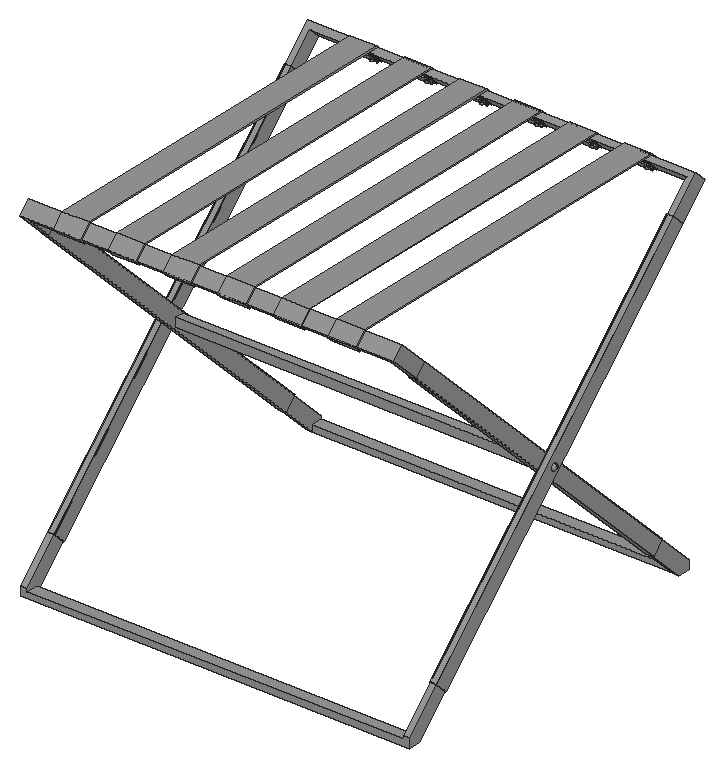
Revit family "DLRK0008", category Generic Models, Revit 2017
Family settings
  Can host rebar = No
  Round Connector Dimension = Use Diameter
  Part Type = Normal
  Work Plane-Based = No
  Always vertical = Yes
  Cut with Voids When Loaded = No
  Shared = No
  Room Calculation Point = No
Parameters
  Website = " https://dolphy.in/"  # constant formula
  Model = ""
  Contact number = "+91 9520202035"  # constant formula
  Contact email = "info@dolphy.in"  # constant formula
  Company name = "Dolphy India"  # constant formula
Reference planes
  plane 1 "Center (Front/Back)": y = 0
  plane 2: z = 0
  plane 3 "Center (Left/Right)": x = 0
  plane 4 "A": through (0, -299.808, 472.625) normal (0, -0.716, 0.6981)
  plane 5 "B": through (0, 302.937, 481.77) normal (0, 0.716, 0.6981)
Forms (mm)
  Extrusion 1, solid, material "Rod"
    sketch origin (-315, 0, 0) x (0, 1, 0) y (0, 0, 1)
      loop
        line (-300, 0) -> (-280, 0) -> (317.052, 582.126) -> (299.808, 599.813) -> (-300, 15) -> (-300, 0)
    from 0 to -10
  Extrusion 2, solid, material "Rod"
    sketch origin (0, 0, 0) x (0, 1, 0) y (0, 0, 1)
      loop
        line (317.052, 582.126) -> (299.808, 599.813) -> (292.648, 592.832) -> (310.116, 575.363) -> (317.052, 582.126)
    from -315 to 315
  Extrusion 3, solid, material "Rod"
    sketch origin (315, 0, 0) x (0, 1, 0) y (0, 0, -1)
      loop
        line (-300, 0) -> (-300, -15) -> (299.808, -599.813) -> (317.052, -582.126) -> (-280, 0) -> (-300, 0)
    from 0 to -10
  Extrusion 4, solid, material "Rod"
    sketch origin (0, 0, 0) x (0, 1, 0) y (0, 0, 1)
      loop
        line (-300, 0) -> (-280, 0) -> (-280, 10) -> (-300, 10) -> (-300, 0)
    from -315 to 315
  Extrusion 5, solid, material "Rod"
    sketch origin (-302.5, 0, 0) x (0, -1, 0) y (0, 0, -1)
      loop
        line (-300, 0) -> (-300, -15) -> (299.808, -599.813) -> (317.052, -582.126) -> (-280, 0) -> (-300, 0)
    from 0 to -10
  Extrusion 6, solid, material "Rod"
    sketch origin (0, 0, 0) x (0, -1, 0) y (0, 0, -1)
      loop
        line (317.052, -582.126) -> (310.116, -575.363) -> (292.648, -592.832) -> (299.808, -599.813) -> (317.052, -582.126)
    from -302.5 to 302.5
  Extrusion 7, solid, material "Rod"
    sketch origin (302.5, 0, 0) x (0, -1, 0) y (0, 0, 1)
      loop
        line (-300, 0) -> (-280, 0) -> (317.052, 582.126) -> (299.808, 599.813) -> (-300, 15) -> (-300, 0)
    from 0 to -10
  Extrusion 8, solid, material "Rod"
    sketch origin (0, 0, 0) x (0, -1, 0) y (0, 0, -1)
      loop
        line (-300, 0) -> (-300, -10) -> (-280, -10) -> (-280, 0) -> (-300, 0)
    from -302.5 to 302.5
  Extrusion 9, solid, material "Strap"
    sketch origin (0, 0, 0) x (0, 1, 0) y (0, 0, 1)
      loop
        line (7.5, 297.75) -> (-7.5, 297.75) -> (-7.5, 282.75) -> (7.5, 282.75) -> (7.5, 297.75)
    from -302.5 to 302.5
  Revolve 10, solid, material "Rod"
    sketch origin (0, 0, 0) x (-1, 0, 0) y (0, 0, 1)
      loop
        line (-315, 291.063) -> (-315, 293.057) -> (-326.027, 293.057) -> (-326.027, 296.072)
        spline (-326.027, 296.072) -> (-326.826, 296.037) -> (-327.555, 295.933) -> (-328.214, 295.759) -> (-328.805, 295.515) -> (-329.326, 295.202) -> (-329.777, 294.819) -> (-330.159, 294.367) -> (-330.471, 293.846) -> (-330.714, 293.254) -> (-330.888, 292.593) -> (-330.992, 291.863) -> (-331.027, 291.063)
        line (-331.027, 291.063) -> (-326.027, 291.063) -> (-315, 291.063)
      axis (-331.027, 291.063) -> (-315, 291.063)
    angle from 0 to 360
  Extrusion 11, solid, material "Strap"
    sketch origin (-2.5, -389.935, 380.187) x (0, 0.6981, 0.716) y (-1, 0, 0)
      loop
        line (220.17, -315) -> (220.17, -305) -> (195.468, -305) -> (195.468, -315) -> (220.17, -315)
      loop
        line (194.468, -304) -> (194.468, -316) -> (221.17, -316) -> (221.17, -304) -> (194.468, -304)
    from -669.025 to 23.796
  Extrusion 12, solid, material "Strap"
    sketch origin (10.027, 389.935, 380.187) x (0, -0.6981, 0.716) y (1, 0, 0)
      loop
        line (220.17, 315) -> (195.468, 315) -> (195.468, 305) -> (220.17, 305) -> (220.17, 315)
      loop
        line (194.468, 304) -> (221.17, 304) -> (221.17, 316) -> (194.468, 316) -> (194.468, 304)
    from -669.025 to 23.796
  Extrusion 13, solid, material "Strap"
    sketch origin (2.5, -389.935, 380.187) x (0, 0.6981, 0.716) y (-1, 0, 0)
      loop
        line (220.17, 315) -> (195.468, 315) -> (195.468, 305) -> (220.17, 305) -> (220.17, 315)
      loop
        line (194.468, 304) -> (221.17, 304) -> (221.17, 316) -> (194.468, 316) -> (194.468, 304)
    from -669.025 to 23.796
  Extrusion 14, solid, material "Strap"
    sketch origin (-10.027, 389.935, 380.187) x (0, -0.6981, 0.716) y (1, 0, 0)
      loop
        line (220.17, -315) -> (220.17, -305) -> (195.468, -305) -> (195.468, -315) -> (220.17, -315)
      loop
        line (194.468, -304) -> (194.468, -316) -> (221.17, -316) -> (221.17, -304) -> (194.468, -304)
    from -669.025 to 23.796
  Revolve 15, solid, material "Rod"
    sketch origin (0, 0, 0) x (1, 0, 0) y (0, 0, 1)
      loop
        line (-315, 291.063) -> (-315, 293.057) -> (-326.027, 293.057) -> (-326.027, 296.072)
        spline (-326.027, 296.072) -> (-326.826, 296.037) -> (-327.555, 295.933) -> (-328.214, 295.759) -> (-328.805, 295.515) -> (-329.326, 295.202) -> (-329.777, 294.819) -> (-330.159, 294.367) -> (-330.471, 293.846) -> (-330.714, 293.254) -> (-330.888, 292.593) -> (-330.992, 291.863) -> (-331.027, 291.063)
        line (-331.027, 291.063) -> (-326.027, 291.063) -> (-315, 291.063)
      axis (-331.027, 291.063) -> (-315, 291.063)
    angle from 0 to 360
  Extrusion 16, solid, material "Strap"
    sketch origin (0, 0, 0) x (0, 1, 0) y (0, 0, 1)
      loop
        line (292.648, 592.832) -> (291.587, 591.771) -> (310.103, 573.255) -> (319.173, 582.099) -> (300.44, 601.313) -> (-300.44, 601.313) -> (-319.173, 582.099) -> (-310.103, 573.255) -> (-291.587, 591.771) -> (-292.648, 592.832) -> (-310.116, 575.363) -> (-317.052, 582.126) -> (-299.808, 599.813) -> (299.808, 599.813) -> (317.052, 582.126) -> (310.116, 575.363) -> (292.648, 592.832)
    from -209.498 to -255.512
  Extrusion 17, solid, material "Strap"
    sketch origin (92, 0, 0) x (0, 1, 0) y (0, 0, 1)
      loop
        line (292.648, 592.832) -> (291.587, 591.771) -> (310.103, 573.255) -> (319.173, 582.099) -> (300.44, 601.313) -> (-300.44, 601.313) -> (-319.173, 582.099) -> (-310.103, 573.255) -> (-291.587, 591.771) -> (-292.648, 592.832) -> (-310.116, 575.363) -> (-317.052, 582.126) -> (-299.808, 599.813) -> (299.808, 599.813) -> (317.052, 582.126) -> (310.116, 575.363) -> (292.648, 592.832)
    from -209.498 to -255.512
  Extrusion 18, solid, material "Strap"
    sketch origin (184, 0, 0) x (0, 1, 0) y (0, 0, 1)
      loop
        line (292.648, 592.832) -> (291.587, 591.771) -> (310.103, 573.255) -> (319.173, 582.099) -> (300.44, 601.313) -> (-300.44, 601.313) -> (-319.173, 582.099) -> (-310.103, 573.255) -> (-291.587, 591.771) -> (-292.648, 592.832) -> (-310.116, 575.363) -> (-317.052, 582.126) -> (-299.808, 599.813) -> (299.808, 599.813) -> (317.052, 582.126) -> (310.116, 575.363) -> (292.648, 592.832)
    from -209.498 to -255.512
  Extrusion 19, solid, material "Strap"
    sketch origin (276, 0, 0) x (0, 1, 0) y (0, 0, 1)
      loop
        line (292.648, 592.832) -> (291.587, 591.771) -> (310.103, 573.255) -> (319.173, 582.099) -> (300.44, 601.313) -> (-300.44, 601.313) -> (-319.173, 582.099) -> (-310.103, 573.255) -> (-291.587, 591.771) -> (-292.648, 592.832) -> (-310.116, 575.363) -> (-317.052, 582.126) -> (-299.808, 599.813) -> (299.808, 599.813) -> (317.052, 582.126) -> (310.116, 575.363) -> (292.648, 592.832)
    from -209.498 to -255.512
  Extrusion 20, solid, material "Strap"
    sketch origin (368, 0, 0) x (0, 1, 0) y (0, 0, 1)
      loop
        line (292.648, 592.832) -> (291.587, 591.771) -> (310.103, 573.255) -> (319.173, 582.099) -> (300.44, 601.313) -> (-300.44, 601.313) -> (-319.173, 582.099) -> (-310.103, 573.255) -> (-291.587, 591.771) -> (-292.648, 592.832) -> (-310.116, 575.363) -> (-317.052, 582.126) -> (-299.808, 599.813) -> (299.808, 599.813) -> (317.052, 582.126) -> (310.116, 575.363) -> (292.648, 592.832)
    from -209.498 to -255.512
  Extrusion 21, solid, material "Strap"
    sketch origin (460, 0, 0) x (0, 1, 0) y (0, 0, 1)
      loop
        line (292.648, 592.832) -> (291.587, 591.771) -> (310.103, 573.255) -> (319.173, 582.099) -> (300.44, 601.313) -> (-300.44, 601.313) -> (-319.173, 582.099) -> (-310.103, 573.255) -> (-291.587, 591.771) -> (-292.648, 592.832) -> (-310.116, 575.363) -> (-317.052, 582.126) -> (-299.808, 599.813) -> (299.808, 599.813) -> (317.052, 582.126) -> (310.116, 575.363) -> (292.648, 592.832)
    from -209.498 to -255.512
  Extrusion 22, solid, material "Rod"
    sketch origin (0, 291.587, 591.771) x (0, 0.707107, -0.707107) y (1, 0, 0)
      loop
        line (6.036, -253.512) -> (20.236, -253.512)
        spline (20.236, -253.512) -> (20.867, -253.484) -> (21.443, -253.4) -> (21.964, -253.261) -> (22.43, -253.066) -> (22.841, -252.815) -> (23.198, -252.508) -> (23.5, -252.146) -> (23.746, -251.728) -> (23.938, -251.254) -> (24.075, -250.724) -> (24.158, -250.139) -> (24.185, -249.498)
        line (24.185, -249.498) -> (24.185, -215.507)
        spline (24.185, -215.507) -> (24.158, -214.867) -> (24.075, -214.282) -> (23.938, -213.753) -> (23.746, -213.28) -> (23.5, -212.862) -> (23.198, -212.5) -> (22.841, -212.194) -> (22.43, -211.943) -> (21.964, -211.748) -> (21.443, -211.609) -> (20.867, -211.525) -> (20.236, -211.498)
        line (20.236, -211.498) -> (6.036, -211.498)
        spline (6.036, -211.498) -> (5.391, -211.525) -> (4.803, -211.609) -> (4.27, -211.748) -> (3.794, -211.943) -> (3.373, -212.194) -> (3.009, -212.5) -> (2.701, -212.862) -> (2.448, -213.28) -> (2.252, -213.753) -> (2.112, -214.282) -> (2.028, -214.867) -> (2, -215.507)
        line (2, -215.507) -> (2, -249.498)
        spline (2, -249.498) -> (2.028, -250.139) -> (2.112, -250.724) -> (2.252, -251.254) -> (2.448, -251.728) -> (2.701, -252.146) -> (3.009, -252.508) -> (3.373, -252.815) -> (3.794, -253.066) -> (4.27, -253.261) -> (4.803, -253.4) -> (5.391, -253.484) -> (6.036, -253.512)
    from 0 to 3
  Revolve 23, solid, material "Rod"
    sketch origin (-248.254, 0.328, -0.339) x (0, 1, 0) y (0, 0, 1)
      loop
        line (298.323, 580.792) -> (300.444, 582.914) -> (299.887, 583.471) -> (297.766, 581.35) -> (296.86, 582.256)
        spline (296.86, 582.256) -> (296.583, 581.939) -> (296.351, 581.63) -> (296.163, 581.328) -> (296.02, 581.033) -> (295.921, 580.745) -> (295.866, 580.465) -> (295.855, 580.192) -> (295.889, 579.926) -> (295.967, 579.668) -> (296.089, 579.416) -> (296.256, 579.173) -> (296.467, 578.936)
        line (296.467, 578.936) -> (298.323, 580.792)
      axis (300.876, 582.482) -> (296.898, 578.505)
    angle from 0 to 360
  Revolve 24, solid, material "Rod"
    sketch origin (-216.751, 0.328, -0.339) x (0, 1, 0) y (0, 0, -1)
      loop
        line (298.323, -580.792) -> (296.467, -578.936)
        spline (296.467, -578.936) -> (296.256, -579.173) -> (296.089, -579.416) -> (295.967, -579.668) -> (295.889, -579.926) -> (295.855, -580.192) -> (295.866, -580.465) -> (295.921, -580.745) -> (296.02, -581.033) -> (296.163, -581.328) -> (296.351, -581.63) -> (296.583, -581.939) -> (296.86, -582.256)
        line (296.86, -582.256) -> (297.766, -581.35) -> (299.887, -583.471) -> (300.444, -582.914) -> (298.323, -580.792)
      axis (300.876, -582.482) -> (296.898, -578.505)
    angle from 0 to 360
  Extrusion 25, solid, material "Rod"
    sketch origin (91.972, 291.587, 591.771) x (0, 0.707107, -0.707107) y (1, 0, 0)
      loop
        line (6.036, -253.512) -> (20.236, -253.512)
        spline (20.236, -253.512) -> (20.867, -253.484) -> (21.443, -253.4) -> (21.964, -253.261) -> (22.43, -253.066) -> (22.841, -252.815) -> (23.198, -252.508) -> (23.5, -252.146) -> (23.746, -251.728) -> (23.938, -251.254) -> (24.075, -250.724) -> (24.158, -250.139) -> (24.185, -249.498)
        line (24.185, -249.498) -> (24.185, -215.507)
        spline (24.185, -215.507) -> (24.158, -214.867) -> (24.075, -214.282) -> (23.938, -213.753) -> (23.746, -213.28) -> (23.5, -212.862) -> (23.198, -212.5) -> (22.841, -212.194) -> (22.43, -211.943) -> (21.964, -211.748) -> (21.443, -211.609) -> (20.867, -211.525) -> (20.236, -211.498)
        line (20.236, -211.498) -> (6.036, -211.498)
        spline (6.036, -211.498) -> (5.391, -211.525) -> (4.803, -211.609) -> (4.27, -211.748) -> (3.794, -211.943) -> (3.373, -212.194) -> (3.009, -212.5) -> (2.701, -212.862) -> (2.448, -213.28) -> (2.252, -213.753) -> (2.112, -214.282) -> (2.028, -214.867) -> (2, -215.507)
        line (2, -215.507) -> (2, -249.498)
        spline (2, -249.498) -> (2.028, -250.139) -> (2.112, -250.724) -> (2.252, -251.254) -> (2.448, -251.728) -> (2.701, -252.146) -> (3.009, -252.508) -> (3.373, -252.815) -> (3.794, -253.066) -> (4.27, -253.261) -> (4.803, -253.4) -> (5.391, -253.484) -> (6.036, -253.512)
    from 0 to 3
  Revolve 26, solid, material "Rod"
    sketch origin (-156.282, 0.328, -0.339) x (0, 1, 0) y (0, 0, 1)
      loop
        line (298.323, 580.792) -> (300.444, 582.914) -> (299.887, 583.471) -> (297.766, 581.35) -> (296.86, 582.256)
        spline (296.86, 582.256) -> (296.583, 581.939) -> (296.351, 581.63) -> (296.163, 581.328) -> (296.02, 581.033) -> (295.921, 580.745) -> (295.866, 580.465) -> (295.855, 580.192) -> (295.889, 579.926) -> (295.967, 579.668) -> (296.089, 579.416) -> (296.256, 579.173) -> (296.467, 578.936)
        line (296.467, 578.936) -> (298.323, 580.792)
      axis (300.876, 582.482) -> (296.898, 578.505)
    angle from 0 to 360
  Revolve 27, solid, material "Rod"
    sketch origin (-124.779, 0.328, -0.339) x (0, 1, 0) y (0, 0, -1)
      loop
        line (298.323, -580.792) -> (296.467, -578.936)
        spline (296.467, -578.936) -> (296.256, -579.173) -> (296.089, -579.416) -> (295.967, -579.668) -> (295.889, -579.926) -> (295.855, -580.192) -> (295.866, -580.465) -> (295.921, -580.745) -> (296.02, -581.033) -> (296.163, -581.328) -> (296.351, -581.63) -> (296.583, -581.939) -> (296.86, -582.256)
        line (296.86, -582.256) -> (297.766, -581.35) -> (299.887, -583.471) -> (300.444, -582.914) -> (298.323, -580.792)
      axis (300.876, -582.482) -> (296.898, -578.505)
    angle from 0 to 360
  Extrusion 28, solid, material "Rod"
    sketch origin (183.943, 291.587, 591.771) x (0, 0.707107, -0.707107) y (1, 0, 0)
      loop
        line (6.036, -253.512) -> (20.236, -253.512)
        spline (20.236, -253.512) -> (20.867, -253.484) -> (21.443, -253.4) -> (21.964, -253.261) -> (22.43, -253.066) -> (22.841, -252.815) -> (23.198, -252.508) -> (23.5, -252.146) -> (23.746, -251.728) -> (23.938, -251.254) -> (24.075, -250.724) -> (24.158, -250.139) -> (24.185, -249.498)
        line (24.185, -249.498) -> (24.185, -215.507)
        spline (24.185, -215.507) -> (24.158, -214.867) -> (24.075, -214.282) -> (23.938, -213.753) -> (23.746, -213.28) -> (23.5, -212.862) -> (23.198, -212.5) -> (22.841, -212.194) -> (22.43, -211.943) -> (21.964, -211.748) -> (21.443, -211.609) -> (20.867, -211.525) -> (20.236, -211.498)
        line (20.236, -211.498) -> (6.036, -211.498)
        spline (6.036, -211.498) -> (5.391, -211.525) -> (4.803, -211.609) -> (4.27, -211.748) -> (3.794, -211.943) -> (3.373, -212.194) -> (3.009, -212.5) -> (2.701, -212.862) -> (2.448, -213.28) -> (2.252, -213.753) -> (2.112, -214.282) -> (2.028, -214.867) -> (2, -215.507)
        line (2, -215.507) -> (2, -249.498)
        spline (2, -249.498) -> (2.028, -250.139) -> (2.112, -250.724) -> (2.252, -251.254) -> (2.448, -251.728) -> (2.701, -252.146) -> (3.009, -252.508) -> (3.373, -252.815) -> (3.794, -253.066) -> (4.27, -253.261) -> (4.803, -253.4) -> (5.391, -253.484) -> (6.036, -253.512)
    from 0 to 3
  Revolve 29, solid, material "Rod"
    sketch origin (-64.311, 0.328, -0.339) x (0, 1, 0) y (0, 0, 1)
      loop
        line (298.323, 580.792) -> (300.444, 582.914) -> (299.887, 583.471) -> (297.766, 581.35) -> (296.86, 582.256)
        spline (296.86, 582.256) -> (296.583, 581.939) -> (296.351, 581.63) -> (296.163, 581.328) -> (296.02, 581.033) -> (295.921, 580.745) -> (295.866, 580.465) -> (295.855, 580.192) -> (295.889, 579.926) -> (295.967, 579.668) -> (296.089, 579.416) -> (296.256, 579.173) -> (296.467, 578.936)
        line (296.467, 578.936) -> (298.323, 580.792)
      axis (300.876, 582.482) -> (296.898, 578.505)
    angle from 0 to 360
  Revolve 30, solid, material "Rod"
    sketch origin (-32.808, 0.328, -0.339) x (0, 1, 0) y (0, 0, -1)
      loop
        line (298.323, -580.792) -> (296.467, -578.936)
        spline (296.467, -578.936) -> (296.256, -579.173) -> (296.089, -579.416) -> (295.967, -579.668) -> (295.889, -579.926) -> (295.855, -580.192) -> (295.866, -580.465) -> (295.921, -580.745) -> (296.02, -581.033) -> (296.163, -581.328) -> (296.351, -581.63) -> (296.583, -581.939) -> (296.86, -582.256)
        line (296.86, -582.256) -> (297.766, -581.35) -> (299.887, -583.471) -> (300.444, -582.914) -> (298.323, -580.792)
      axis (300.876, -582.482) -> (296.898, -578.505)
    angle from 0 to 360
  Extrusion 31, solid, material "Rod"
    sketch origin (275.915, 291.587, 591.771) x (0, 0.707107, -0.707107) y (1, 0, 0)
      loop
        line (6.036, -253.512) -> (20.236, -253.512)
        spline (20.236, -253.512) -> (20.867, -253.484) -> (21.443, -253.4) -> (21.964, -253.261) -> (22.43, -253.066) -> (22.841, -252.815) -> (23.198, -252.508) -> (23.5, -252.146) -> (23.746, -251.728) -> (23.938, -251.254) -> (24.075, -250.724) -> (24.158, -250.139) -> (24.185, -249.498)
        line (24.185, -249.498) -> (24.185, -215.507)
        spline (24.185, -215.507) -> (24.158, -214.867) -> (24.075, -214.282) -> (23.938, -213.753) -> (23.746, -213.28) -> (23.5, -212.862) -> (23.198, -212.5) -> (22.841, -212.194) -> (22.43, -211.943) -> (21.964, -211.748) -> (21.443, -211.609) -> (20.867, -211.525) -> (20.236, -211.498)
        line (20.236, -211.498) -> (6.036, -211.498)
        spline (6.036, -211.498) -> (5.391, -211.525) -> (4.803, -211.609) -> (4.27, -211.748) -> (3.794, -211.943) -> (3.373, -212.194) -> (3.009, -212.5) -> (2.701, -212.862) -> (2.448, -213.28) -> (2.252, -213.753) -> (2.112, -214.282) -> (2.028, -214.867) -> (2, -215.507)
        line (2, -215.507) -> (2, -249.498)
        spline (2, -249.498) -> (2.028, -250.139) -> (2.112, -250.724) -> (2.252, -251.254) -> (2.448, -251.728) -> (2.701, -252.146) -> (3.009, -252.508) -> (3.373, -252.815) -> (3.794, -253.066) -> (4.27, -253.261) -> (4.803, -253.4) -> (5.391, -253.484) -> (6.036, -253.512)
    from 0 to 3
  Revolve 32, solid, material "Rod"
    sketch origin (27.661, 0.328, -0.339) x (0, 1, 0) y (0, 0, 1)
      loop
        line (298.323, 580.792) -> (300.444, 582.914) -> (299.887, 583.471) -> (297.766, 581.35) -> (296.86, 582.256)
        spline (296.86, 582.256) -> (296.583, 581.939) -> (296.351, 581.63) -> (296.163, 581.328) -> (296.02, 581.033) -> (295.921, 580.745) -> (295.866, 580.465) -> (295.855, 580.192) -> (295.889, 579.926) -> (295.967, 579.668) -> (296.089, 579.416) -> (296.256, 579.173) -> (296.467, 578.936)
        line (296.467, 578.936) -> (298.323, 580.792)
      axis (300.876, 582.482) -> (296.898, 578.505)
    angle from 0 to 360
  Revolve 33, solid, material "Rod"
    sketch origin (59.164, 0.328, -0.339) x (0, 1, 0) y (0, 0, -1)
      loop
        line (298.323, -580.792) -> (296.467, -578.936)
        spline (296.467, -578.936) -> (296.256, -579.173) -> (296.089, -579.416) -> (295.967, -579.668) -> (295.889, -579.926) -> (295.855, -580.192) -> (295.866, -580.465) -> (295.921, -580.745) -> (296.02, -581.033) -> (296.163, -581.328) -> (296.351, -581.63) -> (296.583, -581.939) -> (296.86, -582.256)
        line (296.86, -582.256) -> (297.766, -581.35) -> (299.887, -583.471) -> (300.444, -582.914) -> (298.323, -580.792)
      axis (300.876, -582.482) -> (296.898, -578.505)
    angle from 0 to 360
  Extrusion 34, solid, material "Rod"
    sketch origin (367.886, 291.587, 591.771) x (0, 0.707107, -0.707107) y (1, 0, 0)
      loop
        line (6.036, -253.512) -> (20.236, -253.512)
        spline (20.236, -253.512) -> (20.867, -253.484) -> (21.443, -253.4) -> (21.964, -253.261) -> (22.43, -253.066) -> (22.841, -252.815) -> (23.198, -252.508) -> (23.5, -252.146) -> (23.746, -251.728) -> (23.938, -251.254) -> (24.075, -250.724) -> (24.158, -250.139) -> (24.185, -249.498)
        line (24.185, -249.498) -> (24.185, -215.507)
        spline (24.185, -215.507) -> (24.158, -214.867) -> (24.075, -214.282) -> (23.938, -213.753) -> (23.746, -213.28) -> (23.5, -212.862) -> (23.198, -212.5) -> (22.841, -212.194) -> (22.43, -211.943) -> (21.964, -211.748) -> (21.443, -211.609) -> (20.867, -211.525) -> (20.236, -211.498)
        line (20.236, -211.498) -> (6.036, -211.498)
        spline (6.036, -211.498) -> (5.391, -211.525) -> (4.803, -211.609) -> (4.27, -211.748) -> (3.794, -211.943) -> (3.373, -212.194) -> (3.009, -212.5) -> (2.701, -212.862) -> (2.448, -213.28) -> (2.252, -213.753) -> (2.112, -214.282) -> (2.028, -214.867) -> (2, -215.507)
        line (2, -215.507) -> (2, -249.498)
        spline (2, -249.498) -> (2.028, -250.139) -> (2.112, -250.724) -> (2.252, -251.254) -> (2.448, -251.728) -> (2.701, -252.146) -> (3.009, -252.508) -> (3.373, -252.815) -> (3.794, -253.066) -> (4.27, -253.261) -> (4.803, -253.4) -> (5.391, -253.484) -> (6.036, -253.512)
    from 0 to 3
  Revolve 35, solid, material "Rod"
    sketch origin (119.632, 0.328, -0.339) x (0, 1, 0) y (0, 0, 1)
      loop
        line (298.323, 580.792) -> (300.444, 582.914) -> (299.887, 583.471) -> (297.766, 581.35) -> (296.86, 582.256)
        spline (296.86, 582.256) -> (296.583, 581.939) -> (296.351, 581.63) -> (296.163, 581.328) -> (296.02, 581.033) -> (295.921, 580.745) -> (295.866, 580.465) -> (295.855, 580.192) -> (295.889, 579.926) -> (295.967, 579.668) -> (296.089, 579.416) -> (296.256, 579.173) -> (296.467, 578.936)
        line (296.467, 578.936) -> (298.323, 580.792)
      axis (300.876, 582.482) -> (296.898, 578.505)
    angle from 0 to 360
  Revolve 36, solid, material "Rod"
    sketch origin (151.135, 0.328, -0.339) x (0, 1, 0) y (0, 0, -1)
      loop
        line (298.323, -580.792) -> (296.467, -578.936)
        spline (296.467, -578.936) -> (296.256, -579.173) -> (296.089, -579.416) -> (295.967, -579.668) -> (295.889, -579.926) -> (295.855, -580.192) -> (295.866, -580.465) -> (295.921, -580.745) -> (296.02, -581.033) -> (296.163, -581.328) -> (296.351, -581.63) -> (296.583, -581.939) -> (296.86, -582.256)
        line (296.86, -582.256) -> (297.766, -581.35) -> (299.887, -583.471) -> (300.444, -582.914) -> (298.323, -580.792)
      axis (300.876, -582.482) -> (296.898, -578.505)
    angle from 0 to 360
  Extrusion 37, solid, material "Rod"
    sketch origin (459.858, 291.587, 591.771) x (0, 0.707107, -0.707107) y (1, 0, 0)
      loop
        line (6.036, -253.512) -> (20.236, -253.512)
        spline (20.236, -253.512) -> (20.867, -253.484) -> (21.443, -253.4) -> (21.964, -253.261) -> (22.43, -253.066) -> (22.841, -252.815) -> (23.198, -252.508) -> (23.5, -252.146) -> (23.746, -251.728) -> (23.938, -251.254) -> (24.075, -250.724) -> (24.158, -250.139) -> (24.185, -249.498)
        line (24.185, -249.498) -> (24.185, -215.507)
        spline (24.185, -215.507) -> (24.158, -214.867) -> (24.075, -214.282) -> (23.938, -213.753) -> (23.746, -213.28) -> (23.5, -212.862) -> (23.198, -212.5) -> (22.841, -212.194) -> (22.43, -211.943) -> (21.964, -211.748) -> (21.443, -211.609) -> (20.867, -211.525) -> (20.236, -211.498)
        line (20.236, -211.498) -> (6.036, -211.498)
        spline (6.036, -211.498) -> (5.391, -211.525) -> (4.803, -211.609) -> (4.27, -211.748) -> (3.794, -211.943) -> (3.373, -212.194) -> (3.009, -212.5) -> (2.701, -212.862) -> (2.448, -213.28) -> (2.252, -213.753) -> (2.112, -214.282) -> (2.028, -214.867) -> (2, -215.507)
        line (2, -215.507) -> (2, -249.498)
        spline (2, -249.498) -> (2.028, -250.139) -> (2.112, -250.724) -> (2.252, -251.254) -> (2.448, -251.728) -> (2.701, -252.146) -> (3.009, -252.508) -> (3.373, -252.815) -> (3.794, -253.066) -> (4.27, -253.261) -> (4.803, -253.4) -> (5.391, -253.484) -> (6.036, -253.512)
    from 0 to 3
  Revolve 38, solid, material "Rod"
    sketch origin (211.604, 0.328, -0.339) x (0, 1, 0) y (0, 0, 1)
      loop
        line (298.323, 580.792) -> (300.444, 582.914) -> (299.887, 583.471) -> (297.766, 581.35) -> (296.86, 582.256)
        spline (296.86, 582.256) -> (296.583, 581.939) -> (296.351, 581.63) -> (296.163, 581.328) -> (296.02, 581.033) -> (295.921, 580.745) -> (295.866, 580.465) -> (295.855, 580.192) -> (295.889, 579.926) -> (295.967, 579.668) -> (296.089, 579.416) -> (296.256, 579.173) -> (296.467, 578.936)
        line (296.467, 578.936) -> (298.323, 580.792)
      axis (300.876, 582.482) -> (296.898, 578.505)
    angle from 0 to 360
  Revolve 39, solid, material "Rod"
    sketch origin (243.107, 0.328, -0.339) x (0, 1, 0) y (0, 0, -1)
      loop
        line (298.323, -580.792) -> (296.467, -578.936)
        spline (296.467, -578.936) -> (296.256, -579.173) -> (296.089, -579.416) -> (295.967, -579.668) -> (295.889, -579.926) -> (295.855, -580.192) -> (295.866, -580.465) -> (295.921, -580.745) -> (296.02, -581.033) -> (296.163, -581.328) -> (296.351, -581.63) -> (296.583, -581.939) -> (296.86, -582.256)
        line (296.86, -582.256) -> (297.766, -581.35) -> (299.887, -583.471) -> (300.444, -582.914) -> (298.323, -580.792)
      axis (300.876, -582.482) -> (296.898, -578.505)
    angle from 0 to 360
  Extrusion 40, solid, material "Rod"
    sketch origin (460, -308.724, 574.634) x (0, 0.707107, 0.707107) y (1, 0, 0)
      loop
        spline (4.519, -211.498) -> (3.88, -211.525) -> (3.297, -211.609) -> (2.769, -211.748) -> (2.297, -211.942) -> (1.88, -212.192) -> (1.519, -212.498) -> (1.213, -212.859) -> (0.963, -213.275) -> (0.769, -213.748) -> (0.63, -214.275) -> (0.547, -214.859) -> (0.519, -215.498)
        line (0.519, -215.498) -> (0.519, -249.521)
        spline (0.519, -249.521) -> (0.547, -250.159) -> (0.63, -250.741) -> (0.769, -251.267) -> (0.963, -251.738) -> (1.213, -252.154) -> (1.519, -252.514) -> (1.88, -252.819) -> (2.297, -253.068) -> (2.769, -253.262) -> (3.297, -253.401) -> (3.88, -253.484) -> (4.519, -253.512)
        line (4.519, -253.512) -> (18.767, -253.512)
        spline (18.767, -253.512) -> (19.396, -253.484) -> (19.97, -253.401) -> (20.489, -253.262) -> (20.954, -253.068) -> (21.364, -252.819) -> (21.72, -252.514) -> (22.02, -252.154) -> (22.267, -251.738) -> (22.458, -251.267) -> (22.595, -250.741) -> (22.677, -250.159) -> (22.704, -249.521)
        line (22.704, -249.521) -> (22.704, -215.498)
        spline (22.704, -215.498) -> (22.677, -214.859) -> (22.595, -214.275) -> (22.458, -213.748) -> (22.267, -213.275) -> (22.02, -212.859) -> (21.72, -212.498) -> (21.364, -212.192) -> (20.954, -211.942) -> (20.489, -211.748) -> (19.97, -211.609) -> (19.396, -211.525) -> (18.767, -211.498)
        line (18.767, -211.498) -> (4.519, -211.498)
    from 0 to 3
  Revolve 41, solid, material "Rod"
    sketch origin (241.72, 0.02, 0.024) x (0, -1, 0) y (0, 0, 1)
      loop
        line (299.926, 583.432) -> (299.357, 584.001) -> (297.236, 581.879) -> (296.461, 582.655)
        spline (296.461, 582.655) -> (296.176, 582.352) -> (295.936, 582.056) -> (295.74, 581.766) -> (295.589, 581.484) -> (295.481, 581.208) -> (295.418, 580.94) -> (295.399, 580.678) -> (295.424, 580.423) -> (295.493, 580.175) -> (295.606, 579.934) -> (295.764, 579.7) -> (295.966, 579.473)
        line (295.966, 579.473) -> (299.926, 583.432)
      axis (300.513, 582.845) -> (296.554, 578.885)
    angle from 0 to 360
  Revolve 42, solid, material "Rod"
    sketch origin (213.261, 0.02, 0.024) x (0, -1, 0) y (0, 0, -1)
      loop
        line (299.926, -583.432) -> (295.966, -579.473)
        spline (295.966, -579.473) -> (295.764, -579.7) -> (295.606, -579.934) -> (295.493, -580.175) -> (295.424, -580.423) -> (295.399, -580.678) -> (295.418, -580.94) -> (295.481, -581.208) -> (295.589, -581.484) -> (295.74, -581.766) -> (295.936, -582.056) -> (296.176, -582.352) -> (296.461, -582.655)
        line (296.461, -582.655) -> (297.236, -581.879) -> (299.357, -584.001) -> (299.926, -583.432)
      axis (300.513, -582.845) -> (296.554, -578.885)
    angle from 0 to 360
  Extrusion 43, solid, material "Rod"
    sketch origin (368, -308.724, 574.634) x (0, 0.707107, 0.707107) y (1, 0, 0)
      loop
        spline (4.519, -211.498) -> (3.88, -211.525) -> (3.297, -211.609) -> (2.769, -211.748) -> (2.297, -211.942) -> (1.88, -212.192) -> (1.519, -212.498) -> (1.213, -212.859) -> (0.963, -213.275) -> (0.769, -213.748) -> (0.63, -214.275) -> (0.547, -214.859) -> (0.519, -215.498)
        line (0.519, -215.498) -> (0.519, -249.521)
        spline (0.519, -249.521) -> (0.547, -250.159) -> (0.63, -250.741) -> (0.769, -251.267) -> (0.963, -251.738) -> (1.213, -252.154) -> (1.519, -252.514) -> (1.88, -252.819) -> (2.297, -253.068) -> (2.769, -253.262) -> (3.297, -253.401) -> (3.88, -253.484) -> (4.519, -253.512)
        line (4.519, -253.512) -> (18.767, -253.512)
        spline (18.767, -253.512) -> (19.396, -253.484) -> (19.97, -253.401) -> (20.489, -253.262) -> (20.954, -253.068) -> (21.364, -252.819) -> (21.72, -252.514) -> (22.02, -252.154) -> (22.267, -251.738) -> (22.458, -251.267) -> (22.595, -250.741) -> (22.677, -250.159) -> (22.704, -249.521)
        line (22.704, -249.521) -> (22.704, -215.498)
        spline (22.704, -215.498) -> (22.677, -214.859) -> (22.595, -214.275) -> (22.458, -213.748) -> (22.267, -213.275) -> (22.02, -212.859) -> (21.72, -212.498) -> (21.364, -212.192) -> (20.954, -211.942) -> (20.489, -211.748) -> (19.97, -211.609) -> (19.396, -211.525) -> (18.767, -211.498)
        line (18.767, -211.498) -> (4.519, -211.498)
    from 0 to 3
  Revolve 44, solid, material "Rod"
    sketch origin (149.72, 0.02, 0.024) x (0, -1, 0) y (0, 0, 1)
      loop
        line (299.926, 583.432) -> (299.357, 584.001) -> (297.236, 581.879) -> (296.461, 582.655)
        spline (296.461, 582.655) -> (296.176, 582.352) -> (295.936, 582.056) -> (295.74, 581.766) -> (295.589, 581.484) -> (295.481, 581.208) -> (295.418, 580.94) -> (295.399, 580.678) -> (295.424, 580.423) -> (295.493, 580.175) -> (295.606, 579.934) -> (295.764, 579.7) -> (295.966, 579.473)
        line (295.966, 579.473) -> (299.926, 583.432)
      axis (300.513, 582.845) -> (296.554, 578.885)
    angle from 0 to 360
  Revolve 45, solid, material "Rod"
    sketch origin (121.261, 0.02, 0.024) x (0, -1, 0) y (0, 0, -1)
      loop
        line (299.926, -583.432) -> (295.966, -579.473)
        spline (295.966, -579.473) -> (295.764, -579.7) -> (295.606, -579.934) -> (295.493, -580.175) -> (295.424, -580.423) -> (295.399, -580.678) -> (295.418, -580.94) -> (295.481, -581.208) -> (295.589, -581.484) -> (295.74, -581.766) -> (295.936, -582.056) -> (296.176, -582.352) -> (296.461, -582.655)
        line (296.461, -582.655) -> (297.236, -581.879) -> (299.357, -584.001) -> (299.926, -583.432)
      axis (300.513, -582.845) -> (296.554, -578.885)
    angle from 0 to 360
  Extrusion 46, solid, material "Rod"
    sketch origin (276, -308.724, 574.634) x (0, 0.707107, 0.707107) y (1, 0, 0)
      loop
        spline (4.519, -211.498) -> (3.88, -211.525) -> (3.297, -211.609) -> (2.769, -211.748) -> (2.297, -211.942) -> (1.88, -212.192) -> (1.519, -212.498) -> (1.213, -212.859) -> (0.963, -213.275) -> (0.769, -213.748) -> (0.63, -214.275) -> (0.547, -214.859) -> (0.519, -215.498)
        line (0.519, -215.498) -> (0.519, -249.521)
        spline (0.519, -249.521) -> (0.547, -250.159) -> (0.63, -250.741) -> (0.769, -251.267) -> (0.963, -251.738) -> (1.213, -252.154) -> (1.519, -252.514) -> (1.88, -252.819) -> (2.297, -253.068) -> (2.769, -253.262) -> (3.297, -253.401) -> (3.88, -253.484) -> (4.519, -253.512)
        line (4.519, -253.512) -> (18.767, -253.512)
        spline (18.767, -253.512) -> (19.396, -253.484) -> (19.97, -253.401) -> (20.489, -253.262) -> (20.954, -253.068) -> (21.364, -252.819) -> (21.72, -252.514) -> (22.02, -252.154) -> (22.267, -251.738) -> (22.458, -251.267) -> (22.595, -250.741) -> (22.677, -250.159) -> (22.704, -249.521)
        line (22.704, -249.521) -> (22.704, -215.498)
        spline (22.704, -215.498) -> (22.677, -214.859) -> (22.595, -214.275) -> (22.458, -213.748) -> (22.267, -213.275) -> (22.02, -212.859) -> (21.72, -212.498) -> (21.364, -212.192) -> (20.954, -211.942) -> (20.489, -211.748) -> (19.97, -211.609) -> (19.396, -211.525) -> (18.767, -211.498)
        line (18.767, -211.498) -> (4.519, -211.498)
    from 0 to 3
  Revolve 47, solid, material "Rod"
    sketch origin (57.72, 0.02, 0.024) x (0, -1, 0) y (0, 0, 1)
      loop
        line (299.926, 583.432) -> (299.357, 584.001) -> (297.236, 581.879) -> (296.461, 582.655)
        spline (296.461, 582.655) -> (296.176, 582.352) -> (295.936, 582.056) -> (295.74, 581.766) -> (295.589, 581.484) -> (295.481, 581.208) -> (295.418, 580.94) -> (295.399, 580.678) -> (295.424, 580.423) -> (295.493, 580.175) -> (295.606, 579.934) -> (295.764, 579.7) -> (295.966, 579.473)
        line (295.966, 579.473) -> (299.926, 583.432)
      axis (300.513, 582.845) -> (296.554, 578.885)
    angle from 0 to 360
  Revolve 48, solid, material "Rod"
    sketch origin (29.261, 0.02, 0.024) x (0, -1, 0) y (0, 0, -1)
      loop
        line (299.926, -583.432) -> (295.966, -579.473)
        spline (295.966, -579.473) -> (295.764, -579.7) -> (295.606, -579.934) -> (295.493, -580.175) -> (295.424, -580.423) -> (295.399, -580.678) -> (295.418, -580.94) -> (295.481, -581.208) -> (295.589, -581.484) -> (295.74, -581.766) -> (295.936, -582.056) -> (296.176, -582.352) -> (296.461, -582.655)
        line (296.461, -582.655) -> (297.236, -581.879) -> (299.357, -584.001) -> (299.926, -583.432)
      axis (300.513, -582.845) -> (296.554, -578.885)
    angle from 0 to 360
  Extrusion 49, solid, material "Rod"
    sketch origin (184, -308.724, 574.634) x (0, 0.707107, 0.707107) y (1, 0, 0)
      loop
        spline (4.519, -211.498) -> (3.88, -211.525) -> (3.297, -211.609) -> (2.769, -211.748) -> (2.297, -211.942) -> (1.88, -212.192) -> (1.519, -212.498) -> (1.213, -212.859) -> (0.963, -213.275) -> (0.769, -213.748) -> (0.63, -214.275) -> (0.547, -214.859) -> (0.519, -215.498)
        line (0.519, -215.498) -> (0.519, -249.521)
        spline (0.519, -249.521) -> (0.547, -250.159) -> (0.63, -250.741) -> (0.769, -251.267) -> (0.963, -251.738) -> (1.213, -252.154) -> (1.519, -252.514) -> (1.88, -252.819) -> (2.297, -253.068) -> (2.769, -253.262) -> (3.297, -253.401) -> (3.88, -253.484) -> (4.519, -253.512)
        line (4.519, -253.512) -> (18.767, -253.512)
        spline (18.767, -253.512) -> (19.396, -253.484) -> (19.97, -253.401) -> (20.489, -253.262) -> (20.954, -253.068) -> (21.364, -252.819) -> (21.72, -252.514) -> (22.02, -252.154) -> (22.267, -251.738) -> (22.458, -251.267) -> (22.595, -250.741) -> (22.677, -250.159) -> (22.704, -249.521)
        line (22.704, -249.521) -> (22.704, -215.498)
        spline (22.704, -215.498) -> (22.677, -214.859) -> (22.595, -214.275) -> (22.458, -213.748) -> (22.267, -213.275) -> (22.02, -212.859) -> (21.72, -212.498) -> (21.364, -212.192) -> (20.954, -211.942) -> (20.489, -211.748) -> (19.97, -211.609) -> (19.396, -211.525) -> (18.767, -211.498)
        line (18.767, -211.498) -> (4.519, -211.498)
    from 0 to 3
  Revolve 50, solid, material "Rod"
    sketch origin (-34.28, 0.02, 0.024) x (0, -1, 0) y (0, 0, 1)
      loop
        line (299.926, 583.432) -> (299.357, 584.001) -> (297.236, 581.879) -> (296.461, 582.655)
        spline (296.461, 582.655) -> (296.176, 582.352) -> (295.936, 582.056) -> (295.74, 581.766) -> (295.589, 581.484) -> (295.481, 581.208) -> (295.418, 580.94) -> (295.399, 580.678) -> (295.424, 580.423) -> (295.493, 580.175) -> (295.606, 579.934) -> (295.764, 579.7) -> (295.966, 579.473)
        line (295.966, 579.473) -> (299.926, 583.432)
      axis (300.513, 582.845) -> (296.554, 578.885)
    angle from 0 to 360
  Revolve 51, solid, material "Rod"
    sketch origin (-62.739, 0.02, 0.024) x (0, -1, 0) y (0, 0, -1)
      loop
        line (299.926, -583.432) -> (295.966, -579.473)
        spline (295.966, -579.473) -> (295.764, -579.7) -> (295.606, -579.934) -> (295.493, -580.175) -> (295.424, -580.423) -> (295.399, -580.678) -> (295.418, -580.94) -> (295.481, -581.208) -> (295.589, -581.484) -> (295.74, -581.766) -> (295.936, -582.056) -> (296.176, -582.352) -> (296.461, -582.655)
        line (296.461, -582.655) -> (297.236, -581.879) -> (299.357, -584.001) -> (299.926, -583.432)
      axis (300.513, -582.845) -> (296.554, -578.885)
    angle from 0 to 360
  Extrusion 52, solid, material "Rod"
    sketch origin (92, -308.724, 574.634) x (0, 0.707107, 0.707107) y (1, 0, 0)
      loop
        spline (4.519, -211.498) -> (3.88, -211.525) -> (3.297, -211.609) -> (2.769, -211.748) -> (2.297, -211.942) -> (1.88, -212.192) -> (1.519, -212.498) -> (1.213, -212.859) -> (0.963, -213.275) -> (0.769, -213.748) -> (0.63, -214.275) -> (0.547, -214.859) -> (0.519, -215.498)
        line (0.519, -215.498) -> (0.519, -249.521)
        spline (0.519, -249.521) -> (0.547, -250.159) -> (0.63, -250.741) -> (0.769, -251.267) -> (0.963, -251.738) -> (1.213, -252.154) -> (1.519, -252.514) -> (1.88, -252.819) -> (2.297, -253.068) -> (2.769, -253.262) -> (3.297, -253.401) -> (3.88, -253.484) -> (4.519, -253.512)
        line (4.519, -253.512) -> (18.767, -253.512)
        spline (18.767, -253.512) -> (19.396, -253.484) -> (19.97, -253.401) -> (20.489, -253.262) -> (20.954, -253.068) -> (21.364, -252.819) -> (21.72, -252.514) -> (22.02, -252.154) -> (22.267, -251.738) -> (22.458, -251.267) -> (22.595, -250.741) -> (22.677, -250.159) -> (22.704, -249.521)
        line (22.704, -249.521) -> (22.704, -215.498)
        spline (22.704, -215.498) -> (22.677, -214.859) -> (22.595, -214.275) -> (22.458, -213.748) -> (22.267, -213.275) -> (22.02, -212.859) -> (21.72, -212.498) -> (21.364, -212.192) -> (20.954, -211.942) -> (20.489, -211.748) -> (19.97, -211.609) -> (19.396, -211.525) -> (18.767, -211.498)
        line (18.767, -211.498) -> (4.519, -211.498)
    from 0 to 3
  Revolve 53, solid
    sketch origin (-126.28, 0.02, 0.024) x (0, -1, 0) y (0, 0, 1)
      loop
        line (299.926, 583.432) -> (299.357, 584.001) -> (297.236, 581.879) -> (296.461, 582.655)
        spline (296.461, 582.655) -> (296.176, 582.352) -> (295.936, 582.056) -> (295.74, 581.766) -> (295.589, 581.484) -> (295.481, 581.208) -> (295.418, 580.94) -> (295.399, 580.678) -> (295.424, 580.423) -> (295.493, 580.175) -> (295.606, 579.934) -> (295.764, 579.7) -> (295.966, 579.473)
        line (295.966, 579.473) -> (299.926, 583.432)
      axis (300.513, 582.845) -> (296.554, 578.885)
    angle from 0 to 360
  Revolve 54, solid, material "Rod"
    sketch origin (-154.739, 0.02, 0.024) x (0, -1, 0) y (0, 0, -1)
      loop
        line (299.926, -583.432) -> (295.966, -579.473)
        spline (295.966, -579.473) -> (295.764, -579.7) -> (295.606, -579.934) -> (295.493, -580.175) -> (295.424, -580.423) -> (295.399, -580.678) -> (295.418, -580.94) -> (295.481, -581.208) -> (295.589, -581.484) -> (295.74, -581.766) -> (295.936, -582.056) -> (296.176, -582.352) -> (296.461, -582.655)
        line (296.461, -582.655) -> (297.236, -581.879) -> (299.357, -584.001) -> (299.926, -583.432)
      axis (300.513, -582.845) -> (296.554, -578.885)
    angle from 0 to 360
  Extrusion 55, solid, material "Rod"
    sketch origin (0, -308.724, 574.634) x (0, 0.707107, 0.707107) y (1, 0, 0)
      loop
        spline (4.519, -211.498) -> (3.88, -211.525) -> (3.297, -211.609) -> (2.769, -211.748) -> (2.297, -211.942) -> (1.88, -212.192) -> (1.519, -212.498) -> (1.213, -212.859) -> (0.963, -213.275) -> (0.769, -213.748) -> (0.63, -214.275) -> (0.547, -214.859) -> (0.519, -215.498)
        line (0.519, -215.498) -> (0.519, -249.521)
        spline (0.519, -249.521) -> (0.547, -250.159) -> (0.63, -250.741) -> (0.769, -251.267) -> (0.963, -251.738) -> (1.213, -252.154) -> (1.519, -252.514) -> (1.88, -252.819) -> (2.297, -253.068) -> (2.769, -253.262) -> (3.297, -253.401) -> (3.88, -253.484) -> (4.519, -253.512)
        line (4.519, -253.512) -> (18.767, -253.512)
        spline (18.767, -253.512) -> (19.396, -253.484) -> (19.97, -253.401) -> (20.489, -253.262) -> (20.954, -253.068) -> (21.364, -252.819) -> (21.72, -252.514) -> (22.02, -252.154) -> (22.267, -251.738) -> (22.458, -251.267) -> (22.595, -250.741) -> (22.677, -250.159) -> (22.704, -249.521)
        line (22.704, -249.521) -> (22.704, -215.498)
        spline (22.704, -215.498) -> (22.677, -214.859) -> (22.595, -214.275) -> (22.458, -213.748) -> (22.267, -213.275) -> (22.02, -212.859) -> (21.72, -212.498) -> (21.364, -212.192) -> (20.954, -211.942) -> (20.489, -211.748) -> (19.97, -211.609) -> (19.396, -211.525) -> (18.767, -211.498)
        line (18.767, -211.498) -> (4.519, -211.498)
    from 0 to 3
  Revolve 56, solid, material "Rod"
    sketch origin (-218.28, 0.02, 0.024) x (0, -1, 0) y (0, 0, 1)
      loop
        line (299.926, 583.432) -> (299.357, 584.001) -> (297.236, 581.879) -> (296.461, 582.655)
        spline (296.461, 582.655) -> (296.176, 582.352) -> (295.936, 582.056) -> (295.74, 581.766) -> (295.589, 581.484) -> (295.481, 581.208) -> (295.418, 580.94) -> (295.399, 580.678) -> (295.424, 580.423) -> (295.493, 580.175) -> (295.606, 579.934) -> (295.764, 579.7) -> (295.966, 579.473)
        line (295.966, 579.473) -> (299.926, 583.432)
      axis (300.513, 582.845) -> (296.554, 578.885)
    angle from 0 to 360
  Revolve 57, solid, material "Rod"
    sketch origin (-246.739, 0.02, 0.024) x (0, -1, 0) y (0, 0, -1)
      loop
        line (299.926, -583.432) -> (295.966, -579.473)
        spline (295.966, -579.473) -> (295.764, -579.7) -> (295.606, -579.934) -> (295.493, -580.175) -> (295.424, -580.423) -> (295.399, -580.678) -> (295.418, -580.94) -> (295.481, -581.208) -> (295.589, -581.484) -> (295.74, -581.766) -> (295.936, -582.056) -> (296.176, -582.352) -> (296.461, -582.655)
        line (296.461, -582.655) -> (297.236, -581.879) -> (299.357, -584.001) -> (299.926, -583.432)
      axis (300.513, -582.845) -> (296.554, -578.885)
    angle from 0 to 360
Cuts and joins
  joined: Extrusion 1, Extrusion 2, Extrusion 3, Extrusion 4, Extrusion 5, Extrusion 6, Extrusion 7, Extrusion 8, Revolve 10, Revolve 15, Extrusion 22, Revolve 23, Revolve 24, Extrusion 25, Revolve 26, Revolve 27, Extrusion 28, Revolve 29, Revolve 30, Extrusion 31, Revolve 32, Revolve 33, Extrusion 34, Revolve 35, Revolve 36, Extrusion 37, Revolve 38, Revolve 39, Extrusion 40, Revolve 41, Revolve 42, Extrusion 43, Revolve 44, Revolve 45, Extrusion 46, Revolve 47, Revolve 48, Extrusion 49, Revolve 50, Revolve 51, Extrusion 52, Revolve 54, Extrusion 55, Revolve 56, Revolve 57
  joined: Extrusion 9, Extrusion 11, Extrusion 12, Extrusion 13, Extrusion 14, Extrusion 16, Extrusion 17, Extrusion 18, Extrusion 19, Extrusion 20, Extrusion 21
Dimensions and locks
  locked: Extrusion 1 sketch curve to Extrusion 1 sketch curve (angle 90.00°)
  locked: Extrusion 3 sketch curve to Extrusion 3 sketch curve (angle 90.00°)
  locked: Extrusion 5 sketch curve to Extrusion 5 sketch curve (angle 90.00°)
  locked: Extrusion 7 sketch curve to Extrusion 7 sketch curve (angle 90.00°)
  aligned and locked: level to plane 2
  aligned and locked: Extrusion 6 to Extrusion 5
  aligned and locked: Extrusion 6 to Extrusion 7
  aligned and locked: Extrusion 8 to Extrusion 5
  aligned and locked: Extrusion 8 to Extrusion 7
  aligned and locked: Extrusion 6 to Extrusion 9
  aligned and locked: Extrusion 9 to Extrusion 5
